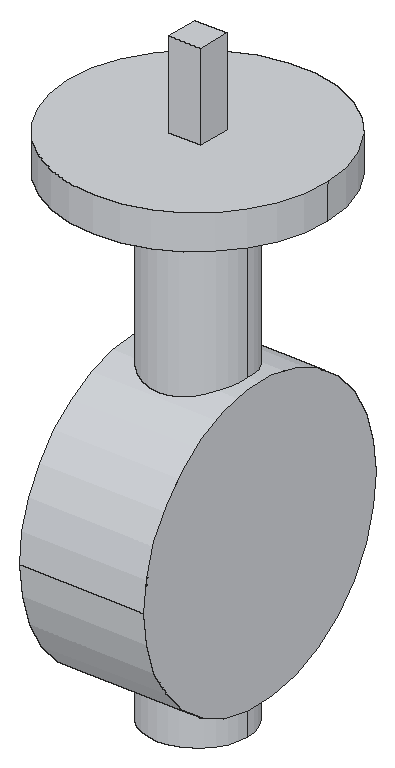
Revit family "HS497-67_disk-litina-volné vřeteno DN050-RFA_2018", category Pipe Accessories, Revit 2018
Family settings
  Round Connector Dimension = Use Diameter
  Part Type = Valve - Breaks Into
  Work Plane-Based = No
  Always vertical = Yes
  Cut with Voids When Loaded = No
  Shared = No
Parameters (values of type "HS 497-67_DN050_volné vřeteno")
  magiProductId = "d71f296ecd6d4adf8f6e5d9853b4e0"
  magiProductFamilyId = "53cea81e6f374d17b8841d9c72ad77"
  magiPartTypeId = 305
  isMeasuringValve [instance] = no
  ang2D [instance] = 0.00°
  X11 = 61.456 mm
  X1 = 25.456 mm
  W2D = 1000 mm
  VersionID = "2.0/2017.9.26.1/ZETKAMA_497_001"
  Use Minimum Symbol Size [instance] = yes
  URL = "http://www.hydronic.cz"
  Type Comments = "mezipřírubová; litinový disk; PN16; -10~+110°C (krátkodobě +120°C)"
  SW30 = no
  SW3 = no
  SW21 = no
  SW20 = no
  SW2 = no
  SW1 = yes
  R = 25 mm
  QmdConnectorList = "301;D;302;D"
  Productdata [instance] = ""
  NC = 50 mm
  Model = ""
  Manufacturer = "Hydronic Systems Prague s.r.o."
  MM20 = 25.456 mm
  MC Product Code = "123 050 (litinový disk, s volným vřetenem; DN50; PN16, kvs98)"
  M41 = 66 mm
  M4 = 44 mm
  LHL = 220 mm
  LHH3 = 2.45 mm
  LHH1 = 46.55 mm
  LH1 = 73.333 mm
  L4R__ve = -L4R  # -12.8 mm
  L4R = 12.8 mm
  L42__ve = -L42  # -96 mm
  L42 = 96 mm
  L41__ve = -L41  # -19.2 mm
  L41 = 19.2 mm
  L2D_Min = 3048 mm
  L2D = 216 mm
  L2 = 21.5 mm
  L1 = 34.4 mm
  L = 43 mm
  H = 30 mm
  G22 = 11.25 mm
  G2 = 22.5 mm
  G1 = 90 mm
  G = 90 mm
  F = 11 mm
  E44 = 31.25 mm
  E42 = 62.5 mm
  E4 = 125 mm
  E23 = 4.9 mm
  E22 = 19.6 mm
  E21 = 9.8 mm
  Description = "Mezipřírubová uzavírací klapka s volným vřetenem; litinový disk, DN50; PN16; kvs98"
  DR2 = 25 mm
  DR = 100 mm
  DD1 = 15.625 mm
  DD = 12.5 mm
  D = 50 mm
  CAT0 = yes
  B2__ve = -B2  # -36.5 mm
  B2 = 36.5 mm
  A2 = 12 mm
  A1 = 83 mm
Types (43, lengths in mm): name | magiProductId | X11 | X1 | Type Comments | SW30 | SW3 | SW20 | SW2 | SW1 | R | NC | MM20 | MC Product Code | M41 | M4 | LHL | LHH3 | LHH1 | LH1 | L4R__ve | L4R | L42__ve | L42 | L41__ve | L41 | L2 | L1 | L | H | G | F | E44 | E42 | E4 | E23 | E22 | E21 | Description | DR2 | DR | DD1 | DD | D | B2__ve | B2 | A2 | A1
  HS 497-67_DN100_PN16_volné vřeteno | "65d1b245f4f142c78569c0602d5754" | 61.456 | 25.456 | "mezipřírubová; litinový disk; PN16; -10~+110°C (krátkodobě +120°C)" | no | no | no | no | yes | 50 | 50 | 25.456 | "123 100 (litinový disk, s volným vřetenem; DN100; PN16, kvs512)" | 66 | 44 | 220 | 2.45 | 46.55 | 73.333 | -12.8 | 12.8 | -96 | 96 | -19.2 | 19.2 | 26 | 41.6 | 52 | 30 | 90 | 11 | 31.25 | 62.5 | 125 | 4.9 | 19.6 | 9.8 | "Mezipřírubová uzavírací klapka s volným vřetenem; litinový disk, DN100; PN16; kvs512" | 50 | 147 | 15.625 | 12.5 | 100 | -56 | 56 | 16.5 | 98.5
  HS 497-67_DN100_PN16_převodové kolo | "11e91b807e674d428c8e796fcdcfe2" | 61.456 | 25.456 | "mezipřírubová; litinový disk; PN16; -10~+110°C (krátkodobě +120°C)" | yes | yes | no | no | no | 50 | 50 | 25.456 | "125 100 (litinový disk, s převodovým kolem; DN100; PN16, kvs512)" | 65.25 | 43.5 | 220 | 2.45 | 46.55 | 73.333 | -12.8 | 12.8 | -96 | 96 | -19.2 | 19.2 | 26 | 41.6 | 52 | 30 | 90 | 11 | 31.25 | 62.5 | 125 | 4.9 | 19.6 | 9.8 | "Mezipřírubová uzavírací klapka s převodovým kolem; litinový disk, DN100; PN16; kvs512" | 50 | 147 | 15.625 | 12.5 | 100 | -56 | 56 | 16.5 | 98.5
  HS 497-67_DN100_PN16_s pákou | "28172f0b3f4b47b28323ac71cf8749" | 61.456 | 25.456 | "mezipřírubová; litinový disk; PN16; -10~+110°C (krátkodobě +120°C)" | no | no | yes | yes | no | 50 | 50 | 25.456 | "120 100 (litinový disk, s pákou; DN100; PN16, kvs512)" | 66 | 44 | 260 | 3 | 57 | 86.667 | -12.8 | 12.8 | -96 | 96 | -19.2 | 19.2 | 26 | 41.6 | 52 | 30 | 90 | 11 | 31.25 | 62.5 | 125 | 6 | 24 | 12 | "Mezipřírubová uzavírací klapka s pákou; litinový disk, DN100; PN16; kvs512" | 50 | 147 | 15.625 | 12.5 | 100 | -56 | 56 | 16.5 | 98.5
  HS 497-67_DN125_PN16_volné vřeteno | "0d813d910fc14f628bb3c2efbd185c" | 61.456 | 25.456 | "mezipřírubová; litinový disk; PN16; -10~+110°C (krátkodobě +120°C)" | no | no | no | no | yes | 62.5 | 50 | 25.456 | "123 125 (litinový disk, s volným vřetenem; DN125; PN16, kvs872)" | 66 | 44 | 220 | 2.45 | 46.55 | 73.333 | -12.8 | 12.8 | -96 | 96 | -19.2 | 19.2 | 28 | 44.8 | 56 | 33 | 90 | 14 | 31.25 | 62.5 | 125 | 4.9 | 19.6 | 9.8 | "Mezipřírubová uzavírací klapka s volným vřetenem; litinový disk, DN125; PN16; kvs872" | 62.5 | 180 | 15.625 | 12.5 | 125 | -64 | 64 | 18 | 99.5
  HS 497-67_DN125_PN16_převodové kolo | "c56b7c13f372467684996fb1e0e229" | 61.456 | 25.456 | "mezipřírubová; litinový disk; PN16; -10~+110°C (krátkodobě +120°C)" | yes | yes | no | no | no | 62.5 | 50 | 25.456 | "125 125 (litinový disk, s převodovým kolem; DN125; PN16, kvs872)" | 65.25 | 43.5 | 220 | 2.45 | 46.55 | 73.333 | -13.5 | 13.5 | -101.25 | 101.25 | -20.25 | 20.25 | 28 | 44.8 | 56 | 33 | 90 | 14 | 40 | 80 | 160 | 4.9 | 19.6 | 9.8 | "Mezipřírubová uzavírací klapka s převodovým kolem; litinový disk, DN125; PN16; kvs872" | 62.5 | 180 | 20 | 16 | 125 | -64 | 64 | 18 | 99.5
  HS 497-67_DN125_PN16_s pákou | "105993c79a91492399feef7931321a" | 61.456 | 25.456 | "mezipřírubová; litinový disk; PN16; -10~+110°C (krátkodobě +120°C)" | no | no | yes | yes | no | 62.5 | 50 | 25.456 | "120 125 (litinový disk, s pákou; DN125; PN16, kvs872)" | 66 | 44 | 315 | 3.75 | 71.25 | 105 | -12.8 | 12.8 | -96 | 96 | -19.2 | 19.2 | 28 | 44.8 | 56 | 33 | 90 | 14 | 31.25 | 62.5 | 125 | 7.5 | 30 | 15 | "Mezipřírubová uzavírací klapka s pákou; litinový disk, DN125; PN16; kvs872" | 62.5 | 180 | 15.625 | 12.5 | 125 | -64 | 64 | 18 | 99.5
  HS 497-67_DN150_PN16_volné vřeteno | "50c80cb8ab434f55ab7796e5ac1331" | 61.456 | 25.456 | "mezipřírubová; litinový disk; PN16; -10~+110°C (krátkodobě +120°C)" | no | no | no | no | yes | 75 | 50 | 25.456 | "123 150 (litinový disk, s volným vřetenem; DN150; PN16, kvs1347)" | 66 | 44 | 220 | 2.45 | 46.55 | 73.333 | -12.8 | 12.8 | -96 | 96 | -19.2 | 19.2 | 28 | 44.8 | 56 | 33 | 90 | 14 | 31.25 | 62.5 | 125 | 4.9 | 19.6 | 9.8 | "Mezipřírubová uzavírací klapka s volným vřetenem; litinový disk, DN150; PN16; kvs1347" | 75 | 206 | 15.625 | 12.5 | 150 | -58 | 58 | 19.3 | 98.7
  HS 497-67_DN150_PN16_převodové kolo | "d94a1a0cf83b476eb10011b327f709" | 61.456 | 25.456 | "mezipřírubová; litinový disk; PN16; -10~+110°C (krátkodobě +120°C)" | yes | yes | no | no | no | 75 | 50 | 25.456 | "125 150 (litinový disk, s převodovým kolem; DN150; PN16, kvs1347)" | 65.25 | 43.5 | 220 | 2.45 | 46.55 | 73.333 | -13.5 | 13.5 | -101.25 | 101.25 | -20.25 | 20.25 | 28 | 44.8 | 56 | 33 | 90 | 14 | 40 | 80 | 160 | 4.9 | 19.6 | 9.8 | "Mezipřírubová uzavírací klapka s převodovým kolem; litinový disk, DN150; PN16; kvs1347" | 75 | 206 | 20 | 16 | 150 | -58 | 58 | 19.3 | 98.7
  HS 497-67_DN150_PN16_s pákou | "4d2835523fe84828bc50ff0a5a0dfb" | 61.456 | 25.456 | "mezipřírubová; litinový disk; PN16; -10~+110°C (krátkodobě +120°C)" | no | no | yes | yes | no | 75 | 50 | 25.456 | "120 150 (litinový disk, s pákou; DN150; PN16, kvs1347)" | 66 | 44 | 315 | 3.75 | 71.25 | 105 | -12.8 | 12.8 | -96 | 96 | -19.2 | 19.2 | 28 | 44.8 | 56 | 33 | 90 | 14 | 31.25 | 62.5 | 125 | 7.5 | 30 | 15 | "Mezipřírubová uzavírací klapka s pákou; litinový disk, DN150; PN16; kvs1347" | 75 | 206 | 15.625 | 12.5 | 150 | -58 | 58 | 19.3 | 98.7
  HS 497-67_DN200_PN16_volné vřeteno | "5b29029eaeba47139ee1055a4b9201" | 61.456 | 25.456 | "mezipřírubová; litinový disk; PN16; -10~+110°C (krátkodobě +120°C)" | no | no | no | no | yes | 100 | 50 | 25.456 | "123 200 (litinový disk, s volným vřetenem; DN200; PN16, kvs2675)" | 66 | 44 | 220 | 2.45 | 46.55 | 73.333 | -12.8 | 12.8 | -96 | 96 | -19.2 | 19.2 | 30 | 48 | 60 | 33 | 90 | 17 | 31.25 | 62.5 | 125 | 4.9 | 19.6 | 9.8 | "Mezipřírubová uzavírací klapka s volným vřetenem; litinový disk, DN200; PN16; kvs2675" | 100 | 257 | 15.625 | 12.5 | 200 | -70 | 70 | 22.5 | 102.5
  HS 497-67_DN200_PN16_převodové kolo | "b2793cc1fcc44cf2a35062cd67c04f" | 61.456 | 25.456 | "mezipřírubová; litinový disk; PN16; -10~+110°C (krátkodobě +120°C)" | yes | yes | no | no | no | 100 | 57 | 25.456 | "125 200 (litinový disk, s převodovým kolem; DN200; PN16, kvs2675)" | 78.75 | 52.5 | 220 | 2.45 | 46.55 | 73.333 | -15.2 | 15.2 | -114 | 114 | -22.8 | 22.8 | 30 | 48 | 60 | 33 | 90 | 17 | 50 | 100 | 200 | 4.9 | 19.6 | 9.8 | "Mezipřírubová uzavírací klapka s převodovým kolem; litinový disk, DN200; PN16; kvs2675" | 100 | 257 | 25 | 20 | 200 | -70 | 70 | 22.5 | 102.5
  HS 497-67_DN200_PN16_s pákou | "f88d96c7af224537a51e72d7d8fffe" | 61.456 | 25.456 | "mezipřírubová; litinový disk; PN16; -10~+110°C (krátkodobě +120°C)" | no | no | yes | yes | no | 100 | 50 | 25.456 | "120 200 (litinový disk, s pákou; DN200; PN16, kvs2675)" | 66 | 44 | 315 | 3.75 | 71.25 | 105 | -12.8 | 12.8 | -96 | 96 | -19.2 | 19.2 | 30 | 48 | 60 | 33 | 90 | 17 | 31.25 | 62.5 | 125 | 7.5 | 30 | 15 | "Mezipřírubová uzavírací klapka s pákou; litinový disk, DN200; PN16; kvs2675" | 100 | 257 | 15.625 | 12.5 | 200 | -70 | 70 | 22.5 | 102.5
  HS 497-67_DN250_PN16_volné vřeteno | "b662e8305ca2402b9c510e66e6aa55" | 88.77 | 36.77 | "mezipřírubová; litinový disk; PN16; -10~+110°C (krátkodobě +120°C)" | no | no | no | no | yes | 125 | 50 | 36.77 | "123 250 (litinový disk, s volným vřetenem; DN250; PN16, kvs4555)" | 66 | 44 | 220 | 2.45 | 46.55 | 73.333 | -12.8 | 12.8 | -96 | 96 | -19.2 | 19.2 | 34 | 54.4 | 68 | 23 | 130 | 22 | 31.25 | 62.5 | 125 | 4.9 | 19.6 | 9.8 | "Mezipřírubová uzavírací klapka s volným vřetenem; litinový disk, DN250; PN16; kvs4555" | 125 | 324 | 15.625 | 12.5 | 250 | -85 | 85 | 28.25 | 129.25
  HS 497-67_DN250_PN16_převodové kolo | "5ee9016806664ddfaa2632711f295c" | 88.77 | 36.77 | "mezipřírubová; litinový disk; PN16; -10~+110°C (krátkodobě +120°C)" | yes | yes | no | no | no | 125 | 70 | 36.77 | "125 250 (litinový disk, s převodovým kolem; DN250; PN16, kvs4555)" | 91.5 | 61 | 220 | 2.45 | 46.55 | 73.333 | -22.2 | 22.2 | -166.5 | 166.5 | -33.3 | 33.3 | 34 | 54.4 | 68 | 23 | 130 | 22 | 62.5 | 125 | 250 | 4.9 | 19.6 | 9.8 | "Mezipřírubová uzavírací klapka s převodovým kolem; litinový disk, DN250; PN16; kvs4555" | 125 | 324 | 31.25 | 25 | 250 | -85 | 85 | 28.25 | 129.25
  HS 497-67_DN300_PN16_volné vřeteno | "e1886f51ff004380a649519258edf2" | 88.77 | 36.77 | "mezipřírubová; litinový disk; PN16; -10~+110°C (krátkodobě +120°C)" | no | no | no | no | yes | 150 | 50 | 36.77 | "123 300 (litinový disk, s volným vřetenem; DN300; PN16, kvs7037)" | 66 | 44 | 220 | 2.45 | 46.55 | 73.333 | -12.8 | 12.8 | -96 | 96 | -19.2 | 19.2 | 39 | 62.4 | 78 | 23 | 130 | 22 | 31.25 | 62.5 | 125 | 4.9 | 19.6 | 9.8 | "Mezipřírubová uzavírací klapka s volným vřetenem; litinový disk, DN300; PN16; kvs7037" | 150 | 376 | 15.625 | 12.5 | 300 | -90 | 90 | 30.8 | 127.2
  HS 497-67_DN300_PN16_převodové kolo | "6860f094f77d42088fbebc3c97f755" | 88.77 | 36.77 | "mezipřírubová; litinový disk; PN16; -10~+110°C (krátkodobě +120°C)" | yes | yes | no | no | no | 150 | 70 | 36.77 | "125 300 (litinový disk, s převodovým kolem; DN300; PN16, kvs7037)" | 91.5 | 61 | 220 | 2.45 | 46.55 | 73.333 | -22.2 | 22.2 | -166.5 | 166.5 | -33.3 | 33.3 | 39 | 62.4 | 78 | 23 | 130 | 22 | 62.5 | 125 | 250 | 4.9 | 19.6 | 9.8 | "Mezipřírubová uzavírací klapka s převodovým kolem; litinový disk, DN300; PN16; kvs7037" | 150 | 376 | 31.25 | 25 | 300 | -90 | 90 | 30.8 | 127.2
  HS 497-67_DN032_PN16_volné vřeteno | "8c5f65de52aa4067a77564107e31b2" | 61.456 | 25.456 | "mezipřírubová; litinový disk; PN16; -10~+110°C (krátkodobě +120°C)" | no | no | no | no | yes | 16 | 50 | 25.456 | "123 032 (litinový disk, s volným vřetenem; DN32; PN16, kvs78)" | 66 | 44 | 220 | 2.45 | 46.55 | 73.333 | -12.8 | 12.8 | -96 | 96 | -19.2 | 19.2 | 16.5 | 26.4 | 33 | 30 | 90 | 11 | 31.25 | 62.5 | 125 | 4.9 | 19.6 | 9.8 | "Mezipřírubová uzavírací klapka s volným vřetenem; litinový disk, DN32; PN16; kvs78" | 16 | 68 | 15.625 | 12.5 | 32 | -44.2 | 44.2 | 10.25 | 76.25
  HS 497-67_DN032_PN16_převodové kolo | "60aaeffa8b3a4e809ef000e4660060" | 61.456 | 25.456 | "mezipřírubová; litinový disk; PN16; -10~+110°C (krátkodobě +120°C)" | yes | yes | no | no | no | 16 | 50 | 25.456 | "125 032 (litinový disk, s převodovým kolem; DN32; PN16, kvs78)" | 65.25 | 43.5 | 220 | 2.45 | 46.55 | 73.333 | -12.8 | 12.8 | -96 | 96 | -19.2 | 19.2 | 16.5 | 26.4 | 33 | 30 | 90 | 11 | 31.25 | 62.5 | 125 | 4.9 | 19.6 | 9.8 | "Mezipřírubová uzavírací klapka s převodovým kolem; litinový disk, DN32; PN16; kvs78" | 16 | 68 | 15.625 | 12.5 | 32 | -44.2 | 44.2 | 10.25 | 76.25
  HS 497-67_DN032_PN16_s pákou | "9ad8088d610749a1b871aa2aad8007" | 61.456 | 25.456 | "mezipřírubová; litinový disk; PN16; -10~+110°C (krátkodobě +120°C)" | no | no | yes | yes | no | 16 | 50 | 25.456 | "120 032 (litinový disk, s pákou; DN32; PN16, kvs78)" | 66 | 44 | 220 | 2.45 | 46.55 | 73.333 | -12.8 | 12.8 | -96 | 96 | -19.2 | 19.2 | 16.5 | 26.4 | 33 | 30 | 90 | 11 | 31.25 | 62.5 | 125 | 4.9 | 19.6 | 9.8 | "Mezipřírubová uzavírací klapka s pákou; litinový disk, DN32; PN16; kvs78" | 16 | 68 | 15.625 | 12.5 | 32 | -44.2 | 44.2 | 10.25 | 76.25
  HS 497-67_DN350_PN10_volné vřeteno | "72a1e05f22944421b7e9596a877137" | 109.255 | 45.255 | "mezipřírubová; litinový disk; PN10; -10~+110°C (krátkodobě +120°C)" | no | no | no | no | yes | 175 | 50 | 45.255 | "123 350 (litinový disk, s volným vřetenem; DN350; PN10, kvs10165)" | 66 | 44 | 220 | 2.45 | 46.55 | 73.333 | -12.8 | 12.8 | -96 | 96 | -19.2 | 19.2 | 39 | 62.4 | 78 | 31 | 160 | 22 | 31.25 | 62.5 | 125 | 4.9 | 19.6 | 9.8 | "Mezipřírubová uzavírací klapka s volným vřetenem; litinový disk, DN350; PN10; kvs10165" | 175 | 430 | 15.625 | 12.5 | 350 | -88 | 88 | 33.85 | 129.65
  HS 497-67_DN350_PN10_převodové kolo | "a5a01426cb28494ba3afca92f1dace" | 109.255 | 45.255 | "mezipřírubová; litinový disk; PN10; -10~+110°C (krátkodobě +120°C)" | yes | yes | no | no | no | 175 | 70 | 45.255 | "125 350 (litinový disk, s převodovým kolem; DN350; PN10, kvs10165)" | 91.5 | 61 | 220 | 2.45 | 46.55 | 73.333 | -22.2 | 22.2 | -166.5 | 166.5 | -33.3 | 33.3 | 39 | 62.4 | 78 | 31 | 160 | 22 | 62.5 | 125 | 250 | 4.9 | 19.6 | 9.8 | "Mezipřírubová uzavírací klapka s převodovým kolem; litinový disk, DN350; PN10; kvs10165" | 175 | 430 | 31.25 | 25 | 350 | -88 | 88 | 33.85 | 129.65
  HS 497-67_DN400_PN10_volné vřeteno | "c70ebeb927c04ab99b176e257ad0a7" | 109.255 | 45.255 | "mezipřírubová; litinový disk; PN10; -10~+110°C (krátkodobě +120°C)" | no | no | no | no | yes | 200 | 50 | 45.255 | "123 400 (litinový disk, s volným vřetenem; DN400; PN10, kvs13799)" | 66 | 44 | 220 | 2.45 | 46.55 | 73.333 | -12.8 | 12.8 | -96 | 96 | -19.2 | 19.2 | 51 | 81.6 | 102 | 31 | 160 | 27 | 31.25 | 62.5 | 125 | 4.9 | 19.6 | 9.8 | "Mezipřírubová uzavírací klapka s volným vřetenem; litinový disk, DN400; PN10; kvs13799" | 200 | 485 | 15.625 | 12.5 | 400 | -108 | 108 | 38 | 142
  HS 497-67_DN400_PN10_převodové kolo | "cc64a4384dcb41b780d81810f4f293" | 109.255 | 45.255 | "mezipřírubová; litinový disk; PN10; -10~+110°C (krátkodobě +120°C)" | yes | yes | no | no | no | 200 | 72.5 | 45.255 | "125 400 (litinový disk, s převodovým kolem; DN400; PN10, kvs13799)" | 103.5 | 69 | 220 | 2.45 | 46.55 | 73.333 | -27.8 | 27.8 | -208.5 | 208.5 | -41.7 | 41.7 | 51 | 81.6 | 102 | 31 | 160 | 27 | 75 | 150 | 300 | 4.9 | 19.6 | 9.8 | "Mezipřírubová uzavírací klapka s převodovým kolem; litinový disk, DN400; PN10; kvs13799" | 200 | 485 | 37.5 | 30 | 400 | -108 | 108 | 38 | 142
  HS 497-67_DN040_PN16_volné vřeteno | "35f92312390745e88df5b5c325d9ee" | 61.456 | 25.456 | "mezipřírubová; litinový disk; PN16; -10~+110°C (krátkodobě +120°C)" | no | no | no | no | yes | 20 | 50 | 25.456 | "123 040 (litinový disk, s volným vřetenem; DN40; PN16, kvs78)" | 66 | 44 | 220 | 2.45 | 46.55 | 73.333 | -12.8 | 12.8 | -96 | 96 | -19.2 | 19.2 | 16.5 | 26.4 | 33 | 30 | 90 | 11 | 31.25 | 62.5 | 125 | 4.9 | 19.6 | 9.8 | "Mezipřírubová uzavírací klapka s volným vřetenem; litinový disk, DN40; PN16; kvs78" | 20 | 76 | 15.625 | 12.5 | 40 | -36 | 36 | 11 | 79
  HS 497-67_DN040_PN16_převodové kolo | "d88e968eae3445bc9b7b4e6ff35127" | 61.456 | 25.456 | "mezipřírubová; litinový disk; PN16; -10~+110°C (krátkodobě +120°C)" | yes | yes | no | no | no | 20 | 50 | 25.456 | "125 040 (litinový disk, s převodovým kolem; DN40; PN16, kvs78)" | 65.25 | 43.5 | 220 | 2.45 | 46.55 | 73.333 | -12.8 | 12.8 | -96 | 96 | -19.2 | 19.2 | 16.5 | 26.4 | 33 | 30 | 90 | 11 | 31.25 | 62.5 | 125 | 4.9 | 19.6 | 9.8 | "Mezipřírubová uzavírací klapka s převodovým kolem; litinový disk, DN40; PN16; kvs78" | 20 | 76 | 15.625 | 12.5 | 40 | -36 | 36 | 11 | 79
  HS 497-67_DN040_PN16_s pákou | "c1b522ca65b4407a98818f232eaacb" | 61.456 | 25.456 | "mezipřírubová; litinový disk; PN16; -10~+110°C (krátkodobě +120°C)" | no | no | yes | yes | no | 20 | 50 | 25.456 | "120 040 (litinový disk, s pákou; DN40; PN16, kvs78)" | 66 | 44 | 220 | 2.45 | 46.55 | 73.333 | -12.8 | 12.8 | -96 | 96 | -19.2 | 19.2 | 16.5 | 26.4 | 33 | 30 | 90 | 11 | 31.25 | 62.5 | 125 | 4.9 | 19.6 | 9.8 | "Mezipřírubová uzavírací klapka s pákou; litinový disk, DN40; PN16; kvs78" | 20 | 76 | 15.625 | 12.5 | 40 | -36 | 36 | 11 | 79
  HS 497-67_DN450_PN10_volné vřeteno | "a8358bc282f14872b3194e530e590a" | 129.74 | 53.74 | "mezipřírubová; litinový disk; PN10; -10~+110°C (krátkodobě +120°C)" | no | no | no | no | yes | 225 | 50 | 53.74 | "123 450 (litinový disk, s volným vřetenem; DN450; PN10, kvs18514)" | 66 | 44 | 220 | 2.45 | 46.55 | 73.333 | -12.8 | 12.8 | -96 | 96 | -19.2 | 19.2 | 57 | 91.2 | 114 | 38 | 190 | 36 | 31.25 | 62.5 | 125 | 4.9 | 19.6 | 9.8 | "Mezipřírubová uzavírací klapka s volným vřetenem; litinový disk, DN450; PN10; kvs18514" | 225 | 536 | 15.625 | 12.5 | 450 | -115 | 115 | 38.05 | 117.45
  HS 497-67_DN450_PN10_převodové kolo | "cdf2d80f54a9414f9cbe50647c0ebd" | 129.74 | 53.74 | "mezipřírubová; litinový disk; PN10; -10~+110°C (krátkodobě +120°C)" | yes | yes | no | no | no | 225 | 91.5 | 53.74 | "125 450 (litinový disk, s převodovým kolem; DN450; PN10, kvs18514)" | 144.75 | 96.5 | 220 | 2.45 | 46.55 | 73.333 | -32.1 | 32.1 | -240.75 | 240.75 | -48.15 | 48.15 | 57 | 91.2 | 114 | 38 | 190 | 36 | 100 | 200 | 400 | 4.9 | 19.6 | 9.8 | "Mezipřírubová uzavírací klapka s převodovým kolem; litinový disk, DN450; PN10; kvs18514" | 225 | 536 | 50 | 40 | 450 | -115 | 115 | 38.05 | 117.45
  HS 497-67_DN500_PN10_volné vřeteno | "8c396e27bb2743f98f3c762b6517cd" | 143.397 | 59.397 | "mezipřírubová; litinový disk; PN10; -10~+110°C (krátkodobě +120°C)" | no | no | no | no | yes | 250 | 50 | 59.397 | "123 500 (litinový disk, s volným vřetenem; DN500; PN10, kvs23805)" | 66 | 44 | 220 | 2.45 | 46.55 | 73.333 | -12.8 | 12.8 | -96 | 96 | -19.2 | 19.2 | 63.5 | 101.6 | 127 | 38 | 210 | 36 | 31.25 | 62.5 | 125 | 4.9 | 19.6 | 9.8 | "Mezipřírubová uzavírací klapka s volným vřetenem; litinový disk, DN500; PN10; kvs23805" | 250 | 593 | 15.625 | 12.5 | 500 | -130 | 130 | 43.25 | 139.25
  HS 497-67_DN500_PN10_převodové kolo | "7647804f32e94cef828a7034a91a46" | 143.397 | 59.397 | "mezipřírubová; litinový disk; PN10; -10~+110°C (krátkodobě +120°C)" | yes | yes | no | no | no | 250 | 91.5 | 59.397 | "125 500 (litinový disk, s převodovým kolem; DN500; PN10, kvs23805)" | 144.75 | 96.5 | 220 | 2.45 | 46.55 | 73.333 | -32.1 | 32.1 | -240.75 | 240.75 | -48.15 | 48.15 | 63.5 | 101.6 | 127 | 38 | 210 | 36 | 100 | 200 | 400 | 4.9 | 19.6 | 9.8 | "Mezipřírubová uzavírací klapka s převodovým kolem; litinový disk, DN500; PN10; kvs23805" | 250 | 593 | 50 | 40 | 500 | -130 | 130 | 43.25 | 139.25
  HS 497-67_DN050_volné vřeteno | "d71f296ecd6d4adf8f6e5d9853b4e0" | 61.456 | 25.456 | "mezipřírubová; litinový disk; PN16; -10~+110°C (krátkodobě +120°C)" | no | no | no | no | yes | 25 | 50 | 25.456 | "123 050 (litinový disk, s volným vřetenem; DN50; PN16, kvs98)" | 66 | 44 | 220 | 2.45 | 46.55 | 73.333 | -12.8 | 12.8 | -96 | 96 | -19.2 | 19.2 | 21.5 | 34.4 | 43 | 30 | 90 | 11 | 31.25 | 62.5 | 125 | 4.9 | 19.6 | 9.8 | "Mezipřírubová uzavírací klapka s volným vřetenem; litinový disk, DN50; PN16; kvs98" | 25 | 100 | 15.625 | 12.5 | 50 | -36.5 | 36.5 | 12 | 83
  HS 497-67_DN050_PN16_převodové kolo | "2fb080deeaed49c58418b94c1da5a4" | 61.456 | 25.456 | "mezipřírubová; litinový disk; PN16; -10~+110°C (krátkodobě +120°C)" | yes | yes | no | no | no | 25 | 50 | 25.456 | "125 050 (litinový disk, s převodovým kolem; DN50; PN16, kvs98)" | 65.25 | 43.5 | 220 | 2.45 | 46.55 | 73.333 | -12.8 | 12.8 | -96 | 96 | -19.2 | 19.2 | 21.5 | 34.4 | 43 | 30 | 90 | 11 | 31.25 | 62.5 | 125 | 4.9 | 19.6 | 9.8 | "Mezipřírubová uzavírací klapka s převodovým kolem; litinový disk, DN50; PN16; kvs98" | 25 | 100 | 15.625 | 12.5 | 50 | -36.5 | 36.5 | 12 | 83
  HS 497-67_DN050_PN16_s pákou | "dabc632061f94877a994b9b4e68112" | 61.456 | 25.456 | "mezipřírubová; litinový disk; PN16; -10~+110°C (krátkodobě +120°C)" | no | no | yes | yes | no | 25 | 50 | 25.456 | "120 050 (litinový disk, s pákou; DN50; PN16, kvs98)" | 66 | 44 | 220 | 2.45 | 46.55 | 73.333 | -12.8 | 12.8 | -96 | 96 | -19.2 | 19.2 | 21.5 | 34.4 | 43 | 30 | 90 | 11 | 31.25 | 62.5 | 125 | 4.9 | 19.6 | 9.8 | "Mezipřírubová uzavírací klapka s pákou; litinový disk, DN50; PN16; kvs98" | 25 | 100 | 15.625 | 12.5 | 50 | -36.5 | 36.5 | 12 | 83
  HS 497-67_DN600_PN10_volné vřeteno | "99d5892c14664fce81a7c5903f7711" | 143.397 | 59.397 | "mezipřírubová; litinový disk; PN10; -10~+110°C (krátkodobě +120°C)" | no | no | no | no | yes | 300 | 50 | 59.397 | "123 600 (litinový disk, s volným vřetenem; DN600; PN10, kvs36778)" | 66 | 44 | 220 | 2.45 | 46.55 | 73.333 | -12.8 | 12.8 | -96 | 96 | -19.2 | 19.2 | 77 | 123.2 | 154 | 80 | 210 | 60 | 31.25 | 62.5 | 125 | 4.9 | 19.6 | 9.8 | "Mezipřírubová uzavírací klapka s volným vřetenem; litinový disk, DN600; PN10; kvs36788" | 300 | 690 | 15.625 | 12.5 | 600 | -140 | 140 | 49.4 | 144.6
  HS 497-67_DN600_PN10_převodové kolo | "b1e26faab48a4c499f6bb11e7e3002" | 143.397 | 59.397 | "mezipřírubová; litinový disk; PN10; -10~+110°C (krátkodobě +120°C)" | yes | yes | no | no | no | 300 | 140 | 59.397 | "125 600 (litinový disk, s převodovým kolem; DN600; PN10, kvs36778)" | 206.25 | 137.5 | 220 | 2.45 | 46.55 | 73.333 | -40.8 | 40.8 | -306 | 306 | -61.2 | 61.2 | 77 | 123.2 | 154 | 80 | 210 | 60 | 125 | 250 | 500 | 4.9 | 19.6 | 9.8 | "Mezipřírubová uzavírací klapka s převodovým kolem; litinový disk, DN600; PN10; kvs36788" | 300 | 690 | 62.5 | 50 | 600 | -140 | 140 | 49.4 | 144.6
  HS 497-67_DN065_PN16_volné vřeteno | "5e5e208646e34ec29f889baab5d08e" | 61.456 | 25.456 | "mezipřírubová; litinový disk; PN16; -10~+110°C (krátkodobě +120°C)" | no | no | no | no | yes | 32.5 | 50 | 25.456 | "123 065 (litinový disk, s volným vřetenem; DN65; PN16, kvs167)" | 66 | 44 | 220 | 2.45 | 46.55 | 73.333 | -12.8 | 12.8 | -96 | 96 | -19.2 | 19.2 | 23 | 36.8 | 46 | 30 | 90 | 11 | 31.25 | 62.5 | 125 | 4.9 | 19.6 | 9.8 | "Mezipřírubová uzavírací klapka s volným vřetenem; litinový disk, DN65; PN16; kv167" | 32.5 | 108 | 15.625 | 12.5 | 65 | -36.5 | 36.5 | 13.5 | 89
  HS 497-67_DN065_PN16_převodové kolo | "654d74c8d15540b0bfe523d988ccb3" | 61.456 | 25.456 | "mezipřírubová; litinový disk; PN16; -10~+110°C (krátkodobě +120°C)" | yes | yes | no | no | no | 32.5 | 50 | 25.456 | "125 065 (litinový disk, s převodovým kolem; DN65; PN16, kvs167)" | 65.25 | 43.5 | 220 | 2.45 | 46.55 | 73.333 | -12.8 | 12.8 | -96 | 96 | -19.2 | 19.2 | 23 | 36.8 | 46 | 30 | 90 | 11 | 31.25 | 62.5 | 125 | 4.9 | 19.6 | 9.8 | "Mezipřírubová uzavírací klapka s převodovým kolem; litinový disk, DN65; PN16; kvs167" | 32.5 | 108 | 15.625 | 12.5 | 65 | -36.5 | 36.5 | 13.5 | 89
  HS 497-67_DN065_PN16_s pákou | "ebeb4b59db0641caaf6d6635ab37b9" | 61.456 | 25.456 | "mezipřírubová; litinový disk; PN16; -10~+110°C (krátkodobě +120°C)" | no | no | yes | yes | no | 32.5 | 50 | 25.456 | "120 065 (litinový disk, s pákou; DN65; PN16, kvs167)" | 66 | 44 | 220 | 2.45 | 46.55 | 73.333 | -12.8 | 12.8 | -96 | 96 | -19.2 | 19.2 | 23 | 36.8 | 46 | 30 | 90 | 11 | 31.25 | 62.5 | 125 | 4.9 | 19.6 | 9.8 | "Mezipřírubová uzavírací klapka s pákou; litinový disk, DN65; PN16; kvs167" | 32.5 | 108 | 15.625 | 12.5 | 65 | -36.5 | 36.5 | 13.5 | 89
  HS 497-67_DN080_PN16_volné vřeteno | "9e85c75c18654e1185a9c48ed6b00e" | 61.456 | 25.456 | "mezipřírubová; litinový disk; PN16; -10~+110°C (krátkodobě +120°C)" | no | no | no | no | yes | 40 | 50 | 25.456 | "123 080 (litinový disk, s volným vřetenem; DN80; PN16, kvs258)" | 66 | 44 | 220 | 2.45 | 46.55 | 73.333 | -12.8 | 12.8 | -96 | 96 | -19.2 | 19.2 | 23 | 36.8 | 46 | 30 | 90 | 11 | 31.25 | 62.5 | 125 | 4.9 | 19.6 | 9.8 | "Mezipřírubová uzavírací klapka s volným vřetenem; litinový disk, DN80; PN16; kvs258" | 40 | 124 | 15.625 | 12.5 | 80 | -54 | 54 | 14.1 | 86.9
  HS 497-67_DN080_PN16_převodové kolo | "5b3c8238c3d041e68c75b199e7ea46" | 61.456 | 25.456 | "mezipřírubová; litinový disk; PN16; -10~+110°C (krátkodobě +120°C)" | yes | yes | no | no | no | 40 | 50 | 25.456 | "125 080 (litinový disk, s převodovým kolem; DN80; PN16, kvs258)" | 65.25 | 43.5 | 220 | 2.45 | 46.55 | 73.333 | -12.8 | 12.8 | -96 | 96 | -19.2 | 19.2 | 23 | 36.8 | 46 | 30 | 90 | 11 | 31.25 | 62.5 | 125 | 4.9 | 19.6 | 9.8 | "Mezipřírubová uzavírací klapka s převodovým kolem; litinový disk, DN80; PN16; kvs258" | 40 | 124 | 15.625 | 12.5 | 80 | -54 | 54 | 14.1 | 86.9
  HS 497-67_DN080_PN16_s pákou | "e414795fab0f4eccb99bc3572c5477" | 61.456 | 25.456 | "mezipřírubová; litinový disk; PN16; -10~+110°C (krátkodobě +120°C)" | no | no | yes | yes | no | 40 | 50 | 25.456 | "120 080 (litinový disk, s pákou; DN80; PN16, kvs258)" | 66 | 44 | 260 | 3 | 57 | 86.667 | -12.8 | 12.8 | -96 | 96 | -19.2 | 19.2 | 23 | 36.8 | 46 | 30 | 90 | 11 | 31.25 | 62.5 | 125 | 6 | 24 | 12 | "Mezipřírubová uzavírací klapka s pákou; litinový disk, DN80; PN16; kvs258" | 40 | 124 | 15.625 | 12.5 | 80 | -54 | 54 | 14.1 | 86.9
  HS 497-67_DN250_PN16_s pákou | "" | 88.77 | 36.77 | "mezipřírubová; litinový disk; PN16; -10~+110°C (krátkodobě +120°C)" | no | no | yes | yes | no | 125 | 70 | 36.77 | "120 250 (litinový disk, s pákou; DN250; PN16, kvs4555)" | 91.5 | 61 | 220 | 2.45 | 46.55 | 73.333 | -22.2 | 22.2 | -166.5 | 166.5 | -33.3 | 33.3 | 34 | 54.4 | 68 | 23 | 130 | 22 | 62.5 | 125 | 250 | 4.9 | 19.6 | 9.8 | "Mezipřírubová uzavírací klapka s pákou; litinový disk, DN250; PN16; kvs4555" | 125 | 324 | 31.25 | 25 | 250 | -85 | 85 | 28.25 | 129.25
  HS 497-67_DN300_PN16_s pákou | "" | 88.77 | 36.77 | "mezipřírubová; litinový disk; PN16; -10~+110°C (krátkodobě +120°C)" | no | no | yes | yes | no | 150 | 70 | 36.77 | "120 300 (litinový disk, s pákou; DN300; PN16, kvs7037)" | 91.5 | 61 | 220 | 2.45 | 46.55 | 73.333 | -22.2 | 22.2 | -166.5 | 166.5 | -33.3 | 33.3 | 39 | 62.4 | 78 | 23 | 130 | 22 | 62.5 | 125 | 250 | 4.9 | 19.6 | 9.8 | "Mezipřírubová uzavírací klapka s pákou; litinový disk, DN300; PN16; kvs7037" | 150 | 376 | 31.25 | 25 | 300 | -90 | 90 | 30.8 | 127.2
Reference planes
  plane 1 "Center (Front/Back)": y = 0
  plane 2 "XYPLANE": z = 0
  plane 3 "Center (Left/Right)": x = 0
  plane 4 "473": x = -25.456
  plane 5 "472": x = -66
  plane 6 "471": y = -25.456
  plane 7 "470": y = 25.456
  plane 8 "469": x = -44
  plane 9 "468": y = -115.2
  plane 10 "467": y = -96
  plane 11 "466": z = 151.25
  plane 12 "465": z = 166.55
  plane 13 "464": y = 145.417
  plane 14 "463": z = 156.75
  plane 15 "462": z = 139.6
  plane 16 "461": z = 149.4
  plane 17 "460": y = 72.083
  plane 18 "459": x = -11.25
  plane 19 "458": x = 11.25
  plane 20 "457": y = -6.25
  plane 21 "456": x = -17.5
  plane 22 "455": x = 17.5
  plane 23 "454": z = 154.3
  plane 24 "453": y = 62.083
  plane 25 "452": y = -11.25
  plane 26 "451": x = -22.5
  plane 27 "450": x = 22.5
  plane 28 "449": z = 134.7
  plane 29 "448": z = 129.8
  plane 30 "447": z = -25
  plane 31 "446": z = 120
  plane 32 "445": z = 108
  plane 33 "444": z = 25
  plane 34 "443": x = 21.5
  plane 35 "442": x = -21.5
  plane 36 "441": z = 0
  plane 37 "440": y = 0
  plane 38 "439": x = 0
  plane 39 "438": z = 169
  plane 40 "437": z = 154.3
  plane 41 "436": x = 13.7
  plane 42 "435": x = -13.7
  plane 43 "434": y = 220
Forms (mm)
  Extrusion 1, solid, visible <- "SW3"
    sketch origin (-750, 0, 120) x (1, 0, 0) y (0, 1, 0)
      loop
        line (684, 25.456) -> (684, -25.456) -> (724.544, -25.456)
        arc (724.544, -25.456) -> (786, 0) -> (724.544, 25.456) r 36
        line (724.544, 25.456) -> (684, 25.456)
    from 0 to 62.5 <- "E42"
  Extrusion 2, solid, visible <- "SW30"
    sketch origin (0, -750, 0) x (0, 1, 0) y (0, 0, 1)
      loop
        circle (750, 151.25) r 7.813
    from 0 to 50 <- "NC"
  Extrusion 3, solid, visible <- "SW30"
    sketch origin (750, -115.2, 0) x (-1, 0, 0) y (0, 0, 1)
      loop
        circle (794, 151.25) r 62.5
    from 0 to -12.8 <- "L4R__ve"
  Extrusion 4, solid, visible <- "SW3"
    sketch origin (750, -96, 0) x (-1, 0, 0) y (0, 0, 1)
      loop
        circle (794, 151.25) r 7.813
    from 0 to -19.2 <- "L41__ve"
  Extrusion 5, solid, visible <- "SW30"
    sketch origin (750, 0, 0) x (-1, 0, 0) y (0, 0, 1)
      loop
        circle (794, 151.25) r 6.25
    from 0 to -96 <- "L42__ve"
  Blend 6, solid, visible <- "SW21"
    base sketch origin (750, 72.083, 0) x (-1, 0, 0) y (0, 0, 1)
      loop
        line (761.25, 149.4) -> (738.75, 149.4) -> (738.75, 139.6) -> (761.25, 139.6) -> (761.25, 149.4)
    top sketch origin (750, 72.083, 0) x (-1, 0, 0) y (0, 0, 1)
      loop
        line (761.25, 166.55) -> (738.75, 166.55) -> (738.75, 156.75) -> (761.25, 156.75) -> (761.25, 166.55)
    from 0 to 73.333
  Blend 7, solid, visible <- "SW21"
    base sketch origin (750, 62.083, 0) x (-1, 0, 0) y (0, 0, 1)
      loop
        line (761.25, 154.3) -> (738.75, 154.3) -> (738.75, 134.7) -> (761.25, 134.7) -> (761.25, 154.3)
    top sketch origin (750, 62.083, 0) x (-1, 0, 0) y (0, 0, 1)
      loop
        line (761.25, 149.4) -> (738.75, 149.4) -> (738.75, 139.6) -> (761.25, 139.6) -> (761.25, 149.4)
    from 0 to 10
  Blend 8, solid, visible <- "SW21"
    base sketch origin (-750, 0, 134.7) x (1, 0, 0) y (0, 1, 0)
      loop
        line (772.5, 62.083) -> (727.5, 62.083) -> (727.5, -11.25)
        arc (727.5, -11.25) -> (750, -31.25) -> (772.5, -11.25) r 22.656
        line (772.5, -11.25) -> (772.5, 62.083)
    top sketch origin (-750, 0, 134.7) x (1, 0, 0) y (0, 1, 0)
      loop
        line (767.5, 62.083) -> (732.5, 62.083) -> (732.5, -6.25)
        arc (732.5, -6.25) -> (750, -26.25) -> (767.5, -6.25) r 17.656
        line (767.5, -6.25) -> (767.5, 62.083)
    from 0 to 19.6
  Extrusion 9, solid, visible <- "SW2"
    sketch origin (-750, 0, 129.8) x (1, 0, 0) y (0, 1, 0)
      loop
        circle (750, 0) r 11.25
    from 0 to 4.9 <- "E23"
  Extrusion 10, solid, visible <- "SW2"
    sketch origin (-750, 0, 120) x (1, 0, 0) y (0, 1, 0)
      loop
        circle (750, 0) r 45
    from 0 to 9.8 <- "E21"
  Extrusion 11, solid, visible <- "CAT0"
    sketch origin (-750, 0, -25) x (1, 0, 0) y (0, 1, 0)
      loop
        circle (750, 0) r 17.2
    from 0 to -36.5 <- "B2__ve"
  Extrusion 12, solid, visible <- "CAT0"
    sketch origin (-750, 0, 108) x (1, 0, 0) y (0, 1, 0)
      loop
        circle (750, 0) r 45
    from 0 to 12 <- "A2"
  Extrusion 13, solid, visible <- "CAT0"
    sketch origin (-750, 0, 25) x (1, 0, 0) y (0, 1, 0)
      loop
        circle (750, 0) r 17.2
    from 0 to 83 <- "A1"
  Extrusion 14, solid, visible <- "CAT0"
    sketch origin (-21.5, -750, 0) x (0, 1, 0) y (0, 0, 1)
      loop
        circle (750, 0) r 50
    from 0 to 43 <- "L"
  Extrusion 15, solid, visible <- "SW1"
    sketch origin (-750, 0, 120) x (1, 0, 0) y (0, 1, 0)
      loop
        line (755.5, 5.5) -> (744.5, 5.5) -> (744.5, -5.5) -> (755.5, -5.5) -> (755.5, 5.5)
    from 0 to 30 <- "H"
  Blend 16, solid, visible <- "SW2"
    base sketch origin (750, 145.417, 0) x (-1, 0, 0) y (0, 0, 1)
      loop
        arc (763.7, 164) -> (762.236, 167.536) -> (758.7, 169) r 5
        line (758.7, 169) -> (741.3, 169)
        arc (741.3, 169) -> (737.764, 167.536) -> (736.3, 164) r 5
        line (736.3, 164) -> (736.3, 159.3)
        arc (736.3, 159.3) -> (737.764, 155.764) -> (741.3, 154.3) r 5
        line (741.3, 154.3) -> (758.7, 154.3)
        arc (758.7, 154.3) -> (762.236, 155.764) -> (763.7, 159.3) r 5
        line (763.7, 159.3) -> (763.7, 164)
    top sketch origin (750, 145.417, 0) x (-1, 0, 0) y (0, 0, 1)
      loop
        arc (763.7, 164) -> (762.236, 167.536) -> (758.7, 169) r 5
        line (758.7, 169) -> (741.3, 169)
        arc (741.3, 169) -> (737.764, 167.536) -> (736.3, 164) r 5
        line (736.3, 164) -> (736.3, 159.3)
        arc (736.3, 159.3) -> (737.764, 155.764) -> (741.3, 154.3) r 5
        line (741.3, 154.3) -> (758.7, 154.3)
        arc (758.7, 154.3) -> (762.236, 155.764) -> (763.7, 159.3) r 5
        line (763.7, 159.3) -> (763.7, 164)
    from 0 to 74.583
  Blend 17, solid, visible <- "SW20"
    base sketch origin (750, 145.417, 0) x (-1, 0, 0) y (0, 0, 1)
      loop
        line (763.7, 169) -> (736.3, 169) -> (736.3, 154.3) -> (763.7, 154.3) -> (763.7, 169)
    top sketch origin (750, 145.417, 0) x (-1, 0, 0) y (0, 0, 1)
      loop
        line (761.25, 154.3) -> (738.75, 154.3) -> (738.75, 134.7) -> (761.25, 134.7) -> (761.25, 154.3)
    from 0 to -83.333
  Extrusion 18, solid, visible <- "SW20"
    sketch origin (-750, 0, 134.7) x (1, 0, 0) y (0, 1, 0)
      loop
        line (772.5, 62.083) -> (727.5, 62.083) -> (727.5, -11.25)
        arc (727.5, -11.25) -> (750, -31.25) -> (772.5, -11.25) r 22.656
        line (772.5, -11.25) -> (772.5, 62.083)
    from 0 to 19.6 <- "E22"
  Extrusion 19, solid, not visible
    sketch origin (-21.5, -750, 0) x (0, 1, 0) y (0, 0, 1)
      loop
        circle (750, 0) r 10
    from 0 to 10
  Extrusion 20, solid, not visible
    sketch origin (21.5, -750, 0) x (0, 1, 0) y (0, 0, 1)
      loop
        circle (750, 0) r 10
    from 0 to -10
Lines and regions (mm)
  reference lines, not visible
    curve 1: circle (2, 2, 0) r 1 normal (0, 0, 1)
  reference lines
    curve 2: line (-25.456, -25.456, 120) -> (-25.456, 25.456, 120)
    curve 3: line (-17.5, -6.25, 134.7) -> (17.5, -6.25, 134.7)
    curve 4: line (-22.5, -11.25, 134.7) -> (22.5, -11.25, 134.7)
    curve 5: circle (0, 0, 120) r 1 normal (0, 0, 1)
    curve 6: line (-22.5, -11.25, 134.7) -> (22.5, -11.25, 134.7)
Dimensions and locks
  plane 1 "Center (Front/Back)" to curve 1 = 2 mm
  "X1": plane 3 "Center (Left/Right)" to plane 4 "473"
  "M41": plane 3 "Center (Left/Right)" to plane 5 "472"
  "MM20": plane 1 "Center (Front/Back)" to plane 6 "471"
  "MM20": plane 1 "Center (Front/Back)" to plane 7 "470"
  "M4": plane 3 "Center (Left/Right)" to plane 8 "469"
  "L41": plane 10 "467" to plane 9 "468"
  "L42": plane 1 "Center (Front/Back)" to plane 10 "467"
  "E44": plane 31 "446" to plane 11 "466"
  "LHH1": plane 31 "446" to plane 12 "465"
  "LH1": plane 17 "460" to plane 13 "464"
  "E21": plane 12 "465" to plane 14 "463"
  "E21": plane 16 "461" to plane 15 "462"
  "E23": plane 23 "454" to plane 16 "461"
  locked: plane 24 "453" to plane 17 "460" at 10
  "G22": plane 3 "Center (Left/Right)" to plane 18 "459"
  "G22": plane 3 "Center (Left/Right)" to plane 19 "458"
  locked: plane 25 "452" to plane 20 "457" at 5
  locked: plane 26 "451" to plane 21 "456" at 5
  locked: plane 27 "450" to plane 22 "455" at 5
  "E22": plane 28 "449" to plane 23 "454"
  "LH1": plane 25 "452" to plane 24 "453"
  "G22": plane 1 "Center (Front/Back)" to plane 25 "452"
  "G2": plane 3 "Center (Left/Right)" to plane 26 "451"
  "G2": plane 3 "Center (Left/Right)" to plane 27 "450"
  "E23": plane 29 "448" to plane 28 "449"
  "E21": plane 31 "446" to plane 29 "448"
  "R": plane 2 "XYPLANE" to plane 30 "447"
  "A2": plane 32 "445" to plane 31 "446"
  "A1": plane 33 "444" to plane 32 "445"
  "DR2": plane 2 "XYPLANE" to plane 33 "444"
  "L2": plane 3 "Center (Left/Right)" to plane 34 "443"
  "L2": plane 3 "Center (Left/Right)" to plane 35 "442"
  locked: plane 2 "XYPLANE" to plane 36 "441"
  locked: plane 1 "Center (Front/Back)" to plane 37 "440"
  locked: plane 3 "Center (Left/Right)" to plane 38 "439"
  "LHH3": plane 12 "465" to plane 39 "438"
  "LHH3": plane 14 "463" to plane 40 "437"
  "LHH3": plane 19 "458" to plane 41 "436"
  "LHH3": plane 18 "459" to plane 42 "435"
  "LHL": plane 1 "Center (Front/Back)" to plane 43 "434"
  "X11": curve 2 to Extrusion 1 sketch curve
  Extrusion 1 sketch curve to Extrusion 1 sketch curve = 0 mm  (x8)
  Blend 6 sketch curve to Blend 6 sketch curve = 0 mm  (x16)
  Blend 7 sketch curve to Blend 7 sketch curve = 0 mm  (x16)
  Blend 8 sketch curve to Blend 8 sketch curve = 0 mm  (x16)
  equal spacing: Extrusion 15 sketch curve, curve 5, Extrusion 15 sketch curve  (x2)
  "F": Extrusion 15 sketch curve to Extrusion 15 sketch curve  (x2)
  Blend 16 sketch curve to Blend 16 sketch curve = 0 mm  (x32)
  Blend 17 sketch curve to Blend 17 sketch curve = 0 mm  (x16)
  Extrusion 18 sketch curve to Extrusion 18 sketch curve = 0 mm  (x8)
  "DD1": diameter of Extrusion 2 sketch curve
  "E4": diameter of Extrusion 3 sketch curve
  "DD1": diameter of Extrusion 4 sketch curve
  "DD": diameter of Extrusion 5 sketch curve
  "G2": diameter of Extrusion 9 sketch curve
  "G1": diameter of Extrusion 10 sketch curve
  "L1": diameter of Extrusion 11 sketch curve
  "G": diameter of Extrusion 12 sketch curve
  "L1": diameter of Extrusion 13 sketch curve
  "DR": diameter of Extrusion 14 sketch curve
  radius of Blend 16 sketch curve = 5 mm  (x8)
  aligned and locked: level to plane 2 "XYPLANE"
  aligned and locked: Extrusion 1 sketch curve to plane 5 "472"
  aligned and locked: plane 7 "470" to Extrusion 1 sketch curve
  aligned and locked: plane 6 "471" to Extrusion 1 sketch curve
  aligned and locked: plane 5 "472" to Extrusion 1 sketch curve
  aligned and locked: plane 4 "473" to Extrusion 1 sketch curve  (x2)
  aligned and locked: plane 4 "473" to curve 2
  aligned and locked: plane 6 "471" to curve 2
  aligned and locked: plane 7 "470" to curve 2
  aligned and locked: Extrusion 1 sketch curve to plane 7 "470"
  aligned and locked: plane 11 "466" to Extrusion 2 sketch curve
  aligned and locked: plane 37 "440" to Extrusion 2 sketch curve
  aligned and locked: plane 8 "469" to Extrusion 3 sketch curve
  aligned and locked: plane 11 "466" to Extrusion 3 sketch curve
  aligned and locked: plane 8 "469" to Extrusion 4 sketch curve
  aligned and locked: plane 11 "466" to Extrusion 4 sketch curve
  aligned and locked: plane 8 "469" to Extrusion 5 sketch curve
  aligned and locked: plane 11 "466" to Extrusion 5 sketch curve
  aligned and locked: plane 12 "465" to Blend 6 sketch curve  (x2)
  aligned and locked: plane 18 "459" to Blend 6 sketch curve  (x4)
  aligned and locked: plane 19 "458" to Blend 6 sketch curve  (x4)
  aligned and locked: plane 14 "463" to Blend 6 sketch curve  (x2)
  aligned and locked: plane 16 "461" to Blend 6 sketch curve  (x2)
  aligned and locked: plane 15 "462" to Blend 6 sketch curve  (x2)
  aligned and locked: plane 13 "464" to Blend 6
  aligned and locked: plane 16 "461" to Blend 7 sketch curve  (x2)
  aligned and locked: plane 18 "459" to Blend 7 sketch curve  (x4)
  aligned and locked: plane 19 "458" to Blend 7 sketch curve  (x4)
  aligned and locked: plane 15 "462" to Blend 7 sketch curve  (x2)
  aligned and locked: plane 23 "454" to Blend 7 sketch curve  (x2)
  aligned and locked: plane 28 "449" to Blend 7 sketch curve  (x2)
  aligned and locked: plane 17 "460" to Blend 7
  aligned and locked: plane 24 "453" to Blend 8 sketch curve  (x4)
  aligned and locked: plane 22 "455" to Blend 8 sketch curve  (x2)
  aligned and locked: plane 21 "456" to Blend 8 sketch curve
  aligned and locked: plane 20 "457" to Blend 8 sketch curve  (x2)
  aligned and locked: curve 3 to plane 20 "457"
  aligned and locked: plane 21 "456" to curve 3
  aligned and locked: plane 22 "455" to curve 3
  aligned and locked: plane 27 "450" to Blend 8 sketch curve  (x2)
  aligned and locked: plane 26 "451" to Blend 8 sketch curve
  aligned and locked: plane 25 "452" to Blend 8 sketch curve  (x2)
  aligned and locked: curve 4 to plane 25 "452"
  aligned and locked: plane 26 "451" to curve 4
  aligned and locked: plane 27 "450" to curve 4
  aligned and locked: plane 23 "454" to Blend 8
  aligned and locked: plane 37 "440" to Extrusion 9 sketch curve
  aligned and locked: plane 38 "439" to Extrusion 9 sketch curve
  aligned and locked: plane 37 "440" to Extrusion 10 sketch curve
  aligned and locked: plane 38 "439" to Extrusion 10 sketch curve
  aligned and locked: plane 37 "440" to Extrusion 11 sketch curve
  aligned and locked: plane 38 "439" to Extrusion 11 sketch curve
  aligned and locked: plane 37 "440" to Extrusion 12 sketch curve
  aligned and locked: plane 38 "439" to Extrusion 12 sketch curve
  aligned and locked: plane 37 "440" to Extrusion 13 sketch curve
  aligned and locked: plane 38 "439" to Extrusion 13 sketch curve
  aligned and locked: plane 36 "441" to Extrusion 14 sketch curve
  aligned and locked: Extrusion 14 sketch curve to plane 37 "440"
  aligned and locked: plane 37 "440" to curve 5
  aligned and locked: plane 38 "439" to curve 5
  aligned and locked: plane 39 "438" to Blend 16 sketch curve  (x2)
  aligned and locked: plane 41 "436" to Blend 16 sketch curve  (x2)
  aligned and locked: Blend 16 sketch curve to plane 40 "437"  (x2)
  aligned and locked: Blend 16 sketch curve to plane 42 "435"  (x2)
  aligned and locked: plane 43 "434" to Blend 16
  aligned and locked: plane 23 "454" to Blend 17 sketch curve  (x2)
  aligned and locked: plane 18 "459" to Blend 17 sketch curve  (x2)
  aligned and locked: plane 19 "458" to Blend 17 sketch curve  (x2)
  aligned and locked: plane 28 "449" to Blend 17 sketch curve  (x2)
  aligned and locked: plane 39 "438" to Blend 17 sketch curve  (x2)
  aligned and locked: plane 42 "435" to Blend 17 sketch curve  (x2)
  aligned and locked: plane 41 "436" to Blend 17 sketch curve  (x2)
  aligned and locked: plane 40 "437" to Blend 17 sketch curve  (x2)
  aligned and locked: Blend 17 to plane 24 "453"
  aligned and locked: plane 24 "453" to Extrusion 18 sketch curve  (x2)
  aligned and locked: plane 27 "450" to Extrusion 18 sketch curve  (x2)
  aligned and locked: plane 26 "451" to Extrusion 18 sketch curve
  aligned and locked: plane 25 "452" to Extrusion 18 sketch curve  (x2)
  aligned and locked: curve 6 to plane 25 "452"
  aligned and locked: plane 26 "451" to curve 6
  aligned and locked: plane 27 "450" to curve 6
  aligned and locked: plane 36 "441" to Extrusion 19 sketch curve
  aligned and locked: Extrusion 19 sketch curve to plane 37 "440"
  aligned and locked: plane 36 "441" to Extrusion 20 sketch curve
  aligned and locked: Extrusion 20 sketch curve to plane 37 "440"
Automatic sketch dimensions
  Blend 8 sketch curve to plane 20 "457" = 2.344 mm  (x2)
  Extrusion 18 sketch curve to plane 20 "457" = 2.344 mm
  plane 25 "452" to Extrusion 19 sketch curve = 1.25 mm
  plane 25 "452" to Extrusion 20 sketch curve = 1.25 mm
  plane 3 "Center (Left/Right)" to curve 1 = 2 mm
  Extrusion 15 sketch curve to plane 3 "Center (Left/Right)" = 5.5 mm
  plane 20 "457" to Extrusion 15 sketch curve = 0.75 mm
  radius of curve 5 = 1 mm
  radius of curve 1 = 1 mm
Connectors
  piping at (-21.5, 0, 0), diameter 50, driven by "D"
    settings: on Extrusion 19, index 1, connector inside diameter 609.6 mm, connector length 0 mm, flow factor 0, pipe flow 0.0 L/s, pressure drop 0.0 Pa, fitting loss kfactor 0, connector angle 0.00°, fixture units 0, engagement length 0 mm, angle of deflection 0.00°, flow configuration 0, flow direction 0, fitting loss method 0, system type 29, joint type 0, gender type 0, connector reference index 2, connector utility 0, adjustable connector no, is connector primary yes, connector description ""
  piping at (21.5, 0, 0), diameter 50, driven by "D"
    settings: on Extrusion 20, index 2, connector inside diameter 609.6 mm, connector length 0 mm, flow factor 0, pipe flow 0.0 L/s, pressure drop 0.0 Pa, fitting loss kfactor 0, connector angle 0.00°, fixture units 0, engagement length 0 mm, angle of deflection 0.00°, flow configuration 0, flow direction 0, fitting loss method 0, system type 29, joint type 0, gender type 0, connector reference index 1, connector utility 0, adjustable connector no, is connector primary no, connector description ""
